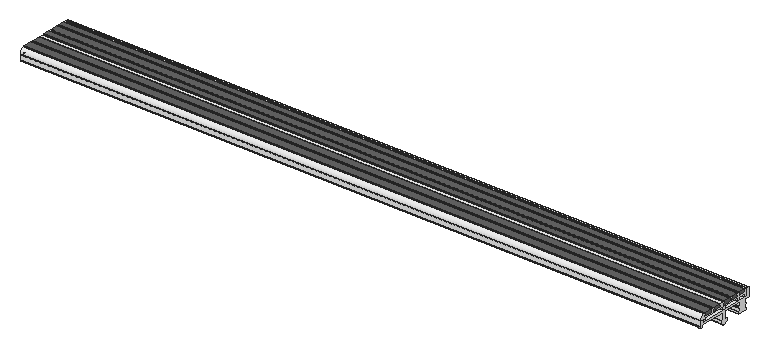
Revit family "Stair_Tread-Wooster-Spectra_Safety_Treads-WP-RN3-SP", category Specialty Equipment, host Face, Revit 2017
Family settings
  Host = Face
  Round Connector Dimension = Use Diameter
  Part Type = Normal
  OmniClass Number = 23.30.70.21.11.11.11
  OmniClass Title = Stair Nosings
  Cut with Voids When Loaded = No
  Shared = No
  Room Calculation Point = No
Parameters (values of type "WP-RN3SP")
  Width [instance] = 0' - 3 1/8"  # constant formula
  Version = "2017 - v2.0a"  # constant formula
  URL = "http://www.wooster-products.com/"
  Support Phone = "(224) 699-9545"  # constant formula
  Support Email = "mailto:support@anguleris.com"
  Safety Tread [instance] = Filler - Wooster - Black - Abrasive Filler
  Product Page URL = "http://www.woosterproducts.com/products/extruded-aluminum/two-component/"
  Product Name = "Two Component (Replaceable) Spectra"  # constant formula
  Product Documentation Link = "http://www.woosterproducts.com/spec/wp-rn3-sp.pdf"
  Model = "WP-RN3SP"
  Material = ""
  Manufacturer Phone Number = "1-800-321-4936 or 330-264-2844"  # constant formula
  Manufacturer Fax Number = "330-262-4151"  # constant formula
  Manufacturer Email = "mailto:tim@wooster-products.com"
  Manufacturer Address = "1000 Spruce Street, P.O. BOX 6005, Wooster, OH. 44691"  # constant formula
  Manufacturer = "Wooster Productions Inc"  # constant formula
  Length Constraint [instance] = if(Length > 10' 0", 10' 0", Length)  # 3' - 0"
  Length [instance] = 3' - 0"
  Description = "Anti-Slip Stair Nosing"  # constant formula
  Depth = 0' - 0 1/4"  # constant formula
  Default Elevation = 0' - 0"  # constant formula
  Copyright = "Wooster Products Inc. 2019"  # constant formula
  Construction Type = "New Construction"  # constant formula
Values of the unnamed type that differ from the named types
  Support Email = ""
  Product Page URL = "http://www.wooster-products.com/Spectra_Safety_Treads.html"
  Product Documentation Link = "http://wooster-products.com/pub/Specs/wp-rn3-sp.pdf"
  Manufacturer Email = ""
Reference planes (in)
  plane 1 "Center (Front/Back)": y = 0
  plane 2: z = 0
  plane 3 "Center (Left/Right)": x = 0
  plane 4 "Left": x = -18
  plane 5 "Right": x = 18
  plane 6 "Back": y = 1.5625
  plane 7 "Front": y = -1.5625
  plane 8 "Bottom": z = -0.23437
  plane 9: z = 0.01563
Forms (in)
  Sweep 1, solid, material "Filler - Wooster - Black - Abrasive Filler" <- "Safety Tread"
    path origin (0, 24.006, 0.01563) x (0, 1, 0) y (-1, 0, 0)
      loop
        line (-22.4435, 18) -> (-22.4435, -18)
    profile "Abrasive Filler : Abrasive Filler" origin (0, 1.5625, 0.01562) x (0, 1, 0) y (0, 0, 1)
      loop
        line (-2.40493, -0.1565) -> (-2.43617, 0) -> (-2.43617, 0.03125) -> (-2.88955, 0.03125) -> (-2.88955, 0) -> (-2.92079, -0.1565) -> (-2.40493, -0.1565)
      loop
        line (-1.82655, -0.1565) -> (-1.8578, 0.00001) -> (-1.8578, 0.03125) -> (-2.31117, 0.03125) -> (-2.31117, 0) -> (-2.34242, -0.1565) -> (-1.82655, -0.1565)
      loop
        line (-1.2328, 0) -> (-1.2328, 0.03125) -> (-1.6078, 0.03125) -> (-1.6078, 0) -> (-1.63905, -0.1565) -> (-1.20155, -0.1565) -> (-1.2328, 0)
      loop
        line (-0.7328, 0.03125) -> (-1.1078, 0.03125) -> (-1.1078, 0) -> (-1.13905, -0.1565) -> (-0.70155, -0.1565) -> (-0.7328, 0) -> (-0.7328, 0.03125)
      loop
        line (-0.2328, 0) -> (-0.2328, 0.03125) -> (-0.6078, 0.03125) -> (-0.6078, 0) -> (-0.63905, -0.1565) -> (-0.20155, -0.1565) -> (-0.2328, 0)
  Sweep 2, solid, material "Metal - Wooster - Extruded Aluminum"
    path origin (0, 24.006, 0.01563) x (0, 1, 0) y (-1, 0, 0)
      loop
        line (-22.4435, 18) -> (-22.4435, -18)
    profile "Aluminum Base : Aluminum Base" origin (0, 1.5625, 0.01562) x (0, 1, 0) y (0, 0, 1)
      loop
        line (-3.13949, -0.24509) -> (-2.96013, -0.24509)
        arc (-2.96013, -0.24509) -> (-2.94714, -0.25259) -> (-2.94714, -0.26759) r 0.015
        line (-2.94714, -0.26759) -> (-2.99327, -0.3475)
        arc (-2.99327, -0.3475) -> (-2.99327, -0.3625) -> (-2.98028, -0.37) r 0.015
        line (-2.98028, -0.37) -> (-2.86362, -0.37) -> (-2.86362, -0.219) -> (-1.70568, -0.219) -> (-1.682, -0.37) -> (-1.54536, -0.37) -> (-1.52168, -0.219) -> (-0.70155, -0.219) -> (-0.70155, -0.37015) -> (-0.63933, -0.37015) -> (-0.63933, -0.219) -> (-0.20133, -0.219) -> (-0.20133, -0.37) -> (-0.13825, -0.37) -> (-0.13825, -0.125) -> (-0.107, -0.125) -> (-0.107, 0) -> (-0.2328, 0) -> (-0.20155, -0.1565) -> (-0.63905, -0.1565) -> (-0.6078, 0) -> (-0.7328, 0) -> (-0.70155, -0.1565) -> (-1.13905, -0.1565) -> (-1.1078, 0) -> (-1.2328, 0) -> (-1.20155, -0.1565) -> (-1.63905, -0.1565) -> (-1.6078, 0) -> (-1.8578, 0) -> (-1.82655, -0.1565) -> (-2.34242, -0.1565) -> (-2.31117, 0) -> (-2.43617, 0) -> (-2.40493, -0.1565) -> (-2.92079, -0.1565) -> (-2.88955, 0)
        arc (-2.88955, 0) -> (-3.06458, -0.0715) -> (-3.13949, -0.24509) r 0.25
  Sweep 3, solid, material "Metal - Wooster - Extruded Aluminum"
    path origin (0, 24.006, 0.01563) x (0, 1, 0) y (-1, 0, 0)
      loop
        line (-22.4435, 18) -> (-22.4435, -18)
    profile "Anchor : Anchor" origin (0, 1.5625, 0.01562) x (0, 1, 0) y (0, 0, 1)
      loop
        line (0, 0) -> (-0.093, 0) -> (-0.093, -0.375) -> (-2.98812, -0.375)
        arc (-2.98812, -0.375) -> (-3.00111, -0.3675) -> (-3.00111, -0.3525) r 0.015
        line (-3.00111, -0.3525) -> (-2.95498, -0.27259)
        arc (-2.95498, -0.27259) -> (-2.95498, -0.25759) -> (-2.96797, -0.25009) r 0.015
        line (-2.96797, -0.25009) -> (-3.13949, -0.25009) -> (-3.13949, -0.51663)
        arc (-3.13949, -0.51663) -> (-3.12262, -0.55974) -> (-3.07951, -0.54287) r 0.03273
        arc (-3.07951, -0.54287) -> (-3.03341, -0.48835) -> (-2.96499, -0.46796) r 0.125
        line (-2.96499, -0.46796) -> (-1.68625, -0.46796)
        arc (-1.68625, -0.46796) -> (-1.66415, -0.47711) -> (-1.65499, -0.49922) r 0.03125
        line (-1.65499, -0.49922) -> (-1.65499, -0.93664) -> (-1.76474, -0.84878) -> (-1.76474, -0.96789) -> (-1.60849, -1.093) -> (-1.45224, -0.96789) -> (-1.45224, -0.84878) -> (-1.56199, -0.93664) -> (-1.56199, -0.49921)
        arc (-1.56199, -0.49921) -> (-1.55284, -0.47711) -> (-1.53074, -0.46796) r 0.03125
        line (-1.53074, -0.46796) -> (-0.58233, -0.46796) -> (-0.58233, -0.66173) -> (-0.64483, -0.66173) -> (-0.64483, -0.72473) -> (-0.58233, -0.72473) -> (-0.58233, -0.919) -> (-0.64483, -0.919) -> (-0.64483, -0.9815) -> (-0.19583, -0.9815) -> (-0.19583, -0.919) -> (-0.25833, -0.919) -> (-0.25833, -0.72473) -> (-0.19583, -0.72473) -> (-0.19583, -0.66173) -> (-0.25833, -0.66173) -> (-0.25833, -0.46796) -> (0, -0.46796) -> (0, 0)
Lines and regions (in)
  Masking region 1
    outline origin (0, 0, 0) x (1, 0, 0) y (0, 1, 0)
      loop
        line (-18, 1.5625) -> (-18, -1.5625) -> (18, -1.5625) -> (18, 1.5625) -> (-18, 1.5625)
Dimensions and locks (in)
  equal spacing: plane 4 "Left", plane 3 "Center (Left/Right)", plane 5 "Right"
  "Length Constraint": plane 4 "Left" to plane 5 "Right"
  equal spacing: plane 7 "Front", plane 1 "Center (Front/Back)", plane 6 "Back"
  "Width": plane 7 "Front" to plane 6 "Back"
  locked: plane 9 to plane 8 "Bottom" at 0.25
  locked: plane 2 to plane 8 "Bottom" at 0.23438
  aligned and locked: plane 2 to host face
  aligned and locked: level to host face
  aligned and locked: plane 4 "Left" to Sweep 1 sketch curve
  aligned and locked: plane 5 "Right" to Sweep 1 sketch curve
  aligned and locked: Sweep 1 sketch curve to plane 6 "Back"
  aligned and locked: plane 5 "Right" to Sweep 2 sketch curve
  aligned and locked: Sweep 2 sketch curve to plane 6 "Back"
  aligned and locked: plane 5 "Right" to Sweep 3 sketch curve
  aligned and locked: plane 4 "Left" to Sweep 3 sketch curve
  aligned and locked: Sweep 3 sketch curve to plane 6 "Back"
  aligned and locked: plane 4 "Left" to Masking region 1 sketch curve
  aligned and locked: Masking region 1 sketch curve to plane 6 "Back"
  aligned and locked: Masking region 1 sketch curve to plane 7 "Front"
  aligned and locked: plane 5 "Right" to Masking region 1 sketch curve
Automatic sketch dimensions
  host sketch curve to host sketch curve = 8' - 0"
  host sketch curve to host sketch curve = 4' - 0"
  Sweep 2 sketch curve to plane 4 "Left" = 0' - 0"
